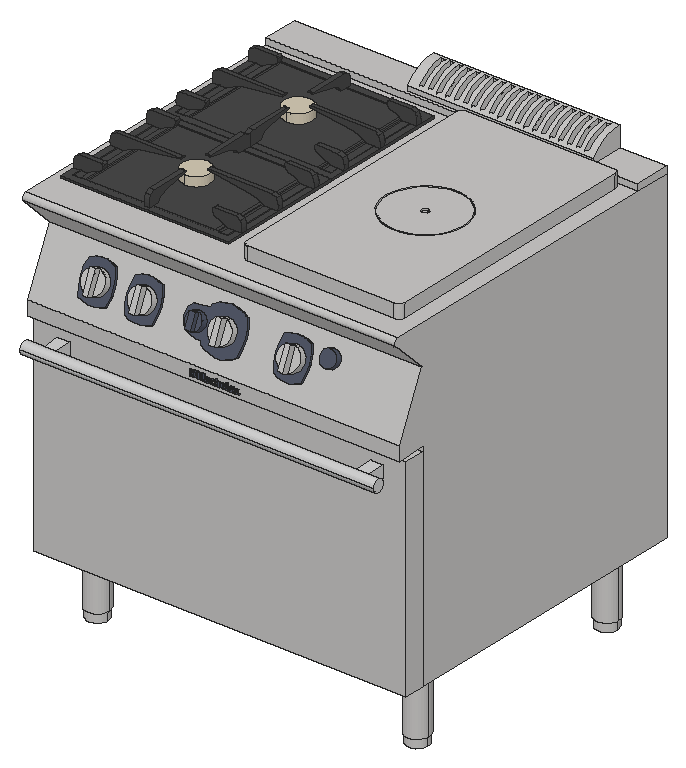
Revit family "QF_ELECTROLUXPROFESSIONAL_371009_E7STGH30G0", category Specialty Equipment, Revit 2018
Family settings
  Round Connector Dimension = Use Diameter
  Part Type = Normal
  Work Plane-Based = No
  Always vertical = Yes
  Cut with Voids When Loaded = No
  Shared = No
  Room Calculation Point = No
Parameters
  Width = 800 mm  # constant formula
  Weight in Pounds = 198  # constant formula
  Watts = 0 W
  URL Cutsheet = "www.electrolux.com"
  URL = "www.electrolux.com"
  Type Mark [instance] = ""
  Status [instance] = ""
  Specification by User [instance] = ""
  Specification by Manufacturer = ""
  Show Logo [instance] = yes
  Show Clearance [instance] = yes
  Serial Number = ""
  Seismic Rating = ""
  SMACNA No = ""
  Revision Code [instance] = ""
  Omniclass Number and Title = ""
  NAFEM Spec ID Number = ""
  Model = "371009"
  Mechanical Remarks [instance] = ""
  Mechanical Connection Type [instance] = ""
  Masterspec = ""
  Manufacturer = "ELECTROLUX"
  Item Number [instance] = ""
  Installed By [instance] = ""
  Identify Quantity as Lot [instance] = yes
  Height = 908.9 mm  # constant formula
  HP = "0 HP"
  Gas Size = 12.7 mm  # 1/2"
  Gas RI Height [instance] = 0 mm
  Gas KW [instance] = 20.6  # constant formula
  Gas Input [instance] = 20581 VA  # 70225.4 Btu/h
  Gas Connection Height = 0 mm
  Furnished By [instance] = ""
  Foodservice Equipment Identifier [instance] = yes
  Direct Waste Size = 0"
  Description = "700XP Gas Solid Top on Gas Oven 2 Burners"
  Depth = 700 mm  # constant formula
  CSI MasterFormat = ""
  CSI Master Format = ""
  Assembly Code = ""
Reference planes
  plane 1 "BACK": y = 0
  plane 2: z = 0
  plane 3 "LEFT": x = 0
  plane 4 "RIGHT": x = 800
  plane 5 "FRONT": y = -700
  plane 6 "TOP": z = 908.9
  plane 7 "Center Y": x = 400
  plane 8 "Center X": y = -350
  plane 9 "Base": z = 150
  plane 10: z = 850.9
  plane 11: y = -730.129
  plane 12: y = -1109
Forms (mm)
  Revolve 1, solid, material "QF_Finishes_Stainless Steel"
    sketch origin (1, -90, 0) x (1, 0, 0) y (0, 0, 1)
      loop
        line (55, 0) -> (55, 150) -> (29.6, 150) -> (29.6, 19.05) -> (32.1, 19.05) -> (32.1, 0) -> (55, 0)
      axis (55, 0) -> (55, 150)
    angle from 0 to 360
  Revolve 2, solid, material "QF_Finishes_Stainless Steel"
    sketch origin (1, -599.588, 0) x (1, 0, 0) y (0, 0, 1)
      loop
        line (55, 0) -> (55, 150) -> (29.6, 150) -> (29.6, 19.05) -> (32.1, 19.05) -> (32.1, 0) -> (55, 0)
      axis (55, 0) -> (55, 150)
    angle from 0 to 360
  Revolve 3, solid, material "QF_Finishes_Stainless Steel"
    sketch origin (799, -90, 0) x (-1, 0, 0) y (0, 0, -1)
      loop
        line (55, 0) -> (32.1, 0) -> (32.1, -19.05) -> (29.6, -19.05) -> (29.6, -150) -> (55, -150) -> (55, 0)
      axis (55, 0) -> (55, -150)
    angle from 0 to 360
  Revolve 4, solid, material "QF_Finishes_Stainless Steel"
    sketch origin (799, -599.588, 0) x (-1, 0, 0) y (0, 0, -1)
      loop
        line (55, 0) -> (32.1, 0) -> (32.1, -19.05) -> (29.6, -19.05) -> (29.6, -150) -> (55, -150) -> (55, 0)
      axis (55, 0) -> (55, -150)
    angle from 0 to 360
  Extrusion 5, solid, material "QF_Finishes_Stainless Steel"
    sketch origin (0, 0, 576.213) x (0, 1, 0) y (0, 0, 1)
      loop
        line (0, -426.213) -> (0, 274.687) -> (-721.5, 274.687)
        arc (-721.5, 274.687) -> (-729.472, 269.36) -> (-727.602, 259.956) r 8.63
        line (-727.602, 259.956) -> (-658.266, 190.62) -> (-715.962, 65.264) -> (-715.962, 33.966) -> (-655.839, 38.662)
        arc (-655.839, 38.662) -> (-653.314, 37.914) -> (-652.222, 35.518) r 3.175
        line (-652.222, 35.518) -> (-652.222, -426.213) -> (0, -426.213)
    from 0 to 800
  Extrusion 6, solid, material "QF_Finishes_Stainless Steel"
    sketch origin (0, -652.222, 611.731) x (0, 0, -1) y (1, 0, 0)
      loop
        line (461.731, 0) -> (461.731, 800) -> (9.61, 800) -> (9.61, 0) -> (461.731, 0)
    from 3.175 to 47.778
  Extrusion 7, solid, material "QF_Finishes_Handrails and Railings"
    sketch origin (0, 0, 0) x (0, 1, 0) y (0, 0, 1)
      loop
        line (-700, 580.001) -> (-738.678, 577.296)
        arc (-738.678, 577.296) -> (-739.871, 563.489) -> (-752.981, 558.993) r 12.7
        arc (-752.981, 558.993) -> (-752.44, 558.176) -> (-751.841, 557.401) r 13.441
        arc (-751.841, 557.401) -> (-750.036, 555.955) -> (-747.808, 555.335) r 5.77
        line (-747.808, 555.335) -> (-700, 551.992) -> (-700, 580.001)
    from 50.8 to 76.2
  Extrusion 8, solid, material "QF_Finishes_Handrails and Railings"
    sketch origin (800, 0, 0) x (0, 1, 0) y (0, 0, -1)
      loop
        line (-700, -580.001) -> (-700, -551.992) -> (-747.808, -555.335)
        arc (-747.808, -555.335) -> (-750.036, -555.955) -> (-751.841, -557.401) r 5.77
        arc (-751.841, -557.401) -> (-752.44, -558.176) -> (-752.981, -558.993) r 13.441
        arc (-752.981, -558.993) -> (-739.871, -563.489) -> (-738.678, -577.296) r 12.7
        line (-738.678, -577.296) -> (-700, -580.001)
    from 50.8 to 76.2
  Extrusion 9, solid, material "QF_Finishes_Handrails and Railings"
    sketch origin (0, 0, 0) x (0, 1, 0) y (0, 0, 1)
      loop
        circle (-749.878, 571.309) r 12.7
    from 19.875 to 780.125
  Extrusion 10, solid, material "QF_Finishes_Stainless Steel"
    sketch origin (0, 0, 576.213) x (0, 1, 0) y (0, 0, 1)
      loop
        line (0, 274.687) -> (0, 288.975) -> (-76.2, 288.975) -> (-76.2, 274.687) -> (0, 274.687)
    from 0 to 800
  Extrusion 11, void
    sketch origin (34.989, 0, 865.138) x (-1, 0, 0) y (0, -1, 0)
      loop
        line (-295.005, 6.761) -> (-285.709, 6.761) -> (-285.709, 63.911) -> (-295.005, 63.911) -> (-295.005, 6.761)
      loop
        line (-313.697, 6.761) -> (-304.401, 6.761) -> (-304.401, 63.911) -> (-313.697, 63.911) -> (-313.697, 6.761)
      loop
        line (-332.39, 6.761) -> (-323.094, 6.761) -> (-323.094, 63.911) -> (-332.39, 63.911) -> (-332.39, 6.761)
      loop
        line (-351.082, 6.761) -> (-341.787, 6.761) -> (-341.787, 63.911) -> (-351.082, 63.911) -> (-351.082, 6.761)
      loop
        line (-369.775, 6.761) -> (-360.479, 6.761) -> (-360.479, 63.911) -> (-369.775, 63.911) -> (-369.775, 6.761)
      loop
        line (-388.468, 6.761) -> (-379.172, 6.761) -> (-379.172, 63.911) -> (-388.468, 63.911) -> (-388.468, 6.761)
      loop
        line (-407.16, 6.761) -> (-397.864, 6.761) -> (-397.864, 63.911) -> (-407.16, 63.911) -> (-407.16, 6.761)
      loop
        line (-425.853, 6.761) -> (-416.557, 6.761) -> (-416.557, 63.911) -> (-425.853, 63.911) -> (-425.853, 6.761)
      loop
        line (-444.545, 6.761) -> (-435.25, 6.761) -> (-435.25, 63.911) -> (-444.545, 63.911) -> (-444.545, 6.761)
      loop
        line (-463.238, 6.761) -> (-453.942, 6.761) -> (-453.942, 63.911) -> (-463.238, 63.911) -> (-463.238, 6.761)
      loop
        line (-481.931, 6.761) -> (-472.635, 6.761) -> (-472.635, 63.911) -> (-481.931, 63.911) -> (-481.931, 6.761)
      loop
        line (-500.623, 6.761) -> (-491.328, 6.761) -> (-491.328, 63.911) -> (-500.623, 63.911) -> (-500.623, 6.761)
      loop
        line (-519.316, 6.761) -> (-510.02, 6.761) -> (-510.02, 63.911) -> (-519.316, 63.911) -> (-519.316, 6.761)
      loop
        line (-538.008, 6.761) -> (-528.713, 6.761) -> (-528.713, 63.911) -> (-538.008, 63.911) -> (-538.008, 6.761)
      loop
        line (-556.701, 6.761) -> (-547.405, 6.761) -> (-547.405, 63.911) -> (-556.701, 63.911) -> (-556.701, 6.761)
      loop
        line (-575.394, 6.761) -> (-566.098, 6.761) -> (-566.098, 63.911) -> (-575.394, 63.911) -> (-575.394, 6.761)
      loop
        line (-594.086, 6.761) -> (-584.791, 6.761) -> (-584.791, 63.911) -> (-594.086, 63.911) -> (-594.086, 6.761)
      loop
        line (-612.779, 6.761) -> (-603.483, 6.761) -> (-603.483, 63.911) -> (-612.779, 63.911) -> (-612.779, 6.761)
      loop
        line (-631.472, 6.761) -> (-622.176, 6.761) -> (-622.176, 63.911) -> (-631.472, 63.911) -> (-631.472, 6.761)
      loop
        line (-650.164, 6.761) -> (-640.868, 6.761) -> (-640.868, 63.911) -> (-650.164, 63.911) -> (-650.164, 6.761)
    from 9.525 to 45.348
  Extrusion 12, solid, material "QF_Finishes_Stainless Steel"
    sketch origin (-100, 0, 590.5) x (0, 1, 0) y (0, 0, 1)
      loop
        line (0, 274.688) -> (0, 318.4)
        arc (0, 318.4) -> (-39.072, 309.779) -> (-69.85, 284.212) r 84.854
        line (-69.85, 284.212) -> (-69.85, 274.688) -> (0, 274.688)
    from 400 to 800
  Extrusion 13, solid, material "QF_Finishes_Navy Blue"
    sketch origin (7.744, -713.772, 646.186) x (0, 0.418102, 0.9084) y (-1, 0, 0)
      loop
        arc (102.623, -510.47) -> (67.041, -502.846) -> (31.333, -509.853) r 90.5
        arc (31.333, -509.853) -> (24.507, -539.04) -> (31.333, -568.228) r 65.817
        arc (31.333, -568.228) -> (67.04, -575.188) -> (102.623, -567.615) r 91.066
        arc (102.623, -567.615) -> (109.179, -539.043) -> (102.623, -510.47) r 65.546
      loop
        arc (102.623, -190.47) -> (67.041, -182.846) -> (31.333, -189.853) r 90.5
        arc (31.333, -189.853) -> (24.507, -219.04) -> (31.333, -248.228) r 65.817
        arc (31.333, -248.228) -> (67.04, -255.188) -> (102.623, -247.615) r 91.066
        arc (102.623, -247.615) -> (109.179, -219.043) -> (102.623, -190.47) r 65.546
      loop
        arc (102.623, -90.47) -> (67.041, -82.846) -> (31.333, -89.853) r 90.5
        arc (31.333, -89.853) -> (24.507, -119.04) -> (31.333, -148.228) r 65.817
        arc (31.333, -148.228) -> (67.04, -155.188) -> (102.623, -147.615) r 91.066
        arc (102.623, -147.615) -> (109.179, -119.043) -> (102.623, -90.47) r 65.546
    from 0 to 3.175
  Extrusion 14, solid, material "QF_Finishes_Stainless Steel"
    sketch origin (386.494, -717.485, 645.711) x (0, 0.418102, 0.9084) y (-1, 0, 0)
      loop
        circle (68.826, -160.963) r 25.4
      loop
        circle (68.826, -13.506) r 25.4
      loop
        circle (68.826, 159.037) r 25.4
      loop
        circle (68.826, 259.037) r 25.4
    from 0 to 12.7
  Extrusion 15, solid, material "QF_Finishes_Stainless Steel"
    sketch origin (386.494, -729.022, 651.021) x (0, 0.418102, 0.9084) y (-1, 0, 0)
      loop
        arc (93.558, -166.749) -> (94.226, -160.963) -> (93.558, -155.177) r 25.4
        line (93.558, -155.177) -> (44.094, -155.177)
        arc (44.094, -155.177) -> (43.426, -160.963) -> (44.094, -166.749) r 25.4
        line (44.094, -166.749) -> (93.558, -166.749)
    from 0 to 12.7
  Extrusion 16, solid, material "QF_Finishes_Navy Blue"
    sketch origin (307.014, -703.319, 668.896) x (0, 0.418102, 0.9084) y (-1, 0, 0)
      loop
        circle (65.471, -315.169) r 17.78
    from 0 to 12.7
  Extrusion 17, solid, material "QF_Finishes_Navy Blue"
    sketch origin (-139.713, -713.772, 646.186) x (0, 0.418102, 0.9084) y (-1, 0, 0)
      loop
        arc (104.355, -502.587) -> (101.326, -501.258) -> (98.25, -500.039) r 91.066
        arc (98.25, -500.039) -> (96.592, -482.449) -> (93.213, -465.107) r 179.528
        arc (93.213, -465.107) -> (69.244, -452.795) -> (45.274, -465.107) r 29.489
        arc (45.274, -465.107) -> (38.909, -481.441) -> (37.449, -498.912) r 61.044
        arc (37.449, -498.912) -> (34.471, -499.962) -> (31.532, -501.116) r 91.066
        arc (31.532, -501.116) -> (19.517, -540.223) -> (32.929, -578.873) r 65.817
        arc (32.929, -578.873) -> (68.105, -585.173) -> (102.996, -577.452) r 91.066
        arc (102.996, -577.452) -> (115.418, -540.233) -> (104.355, -502.587) r 65.546
    from 0 to 3.175
  Extrusion 18, solid, material "QF_Finishes_Stainless Steel"
    sketch origin (239.037, -729.022, 651.021) x (0, 0.418102, 0.9084) y (-1, 0, 0)
      loop
        arc (93.558, -166.749) -> (94.226, -160.963) -> (93.558, -155.177) r 25.4
        line (93.558, -155.177) -> (44.094, -155.177)
        arc (44.094, -155.177) -> (43.426, -160.963) -> (44.094, -166.749) r 25.4
        line (44.094, -166.749) -> (93.558, -166.749)
    from 0 to 12.7
  Extrusion 19, solid, material "QF_Finishes_Navy Blue"
    sketch origin (181.537, -717.485, 645.711) x (0, 0.418102, 0.9084) y (-1, 0, 0)
      loop
        circle (68.826, -160.963) r 18.37
    from 0 to 12.7
  Extrusion 20, solid, material "QF_Finishes_Navy Blue"
    sketch origin (180.246, -729.022, 651.021) x (0, 0.418102, 0.9084) y (-1, 0, 0)
      loop
        arc (84.808, -167.687) -> (85.476, -161.901) -> (84.808, -156.114) r 25.4
        line (84.808, -156.114) -> (52.844, -156.114)
        arc (52.844, -156.114) -> (52.176, -161.901) -> (52.844, -167.687) r 25.4
        line (52.844, -167.687) -> (84.808, -167.687)
    from 0 to 8.112
  Extrusion 21, solid, material "QF_Finishes_Stainless Steel"
    sketch origin (0, 0, 150) x (-1, 0, 0) y (0, -1, 0)
      loop
        circle (-747.612, 464) r 6.35
    from -8.815 to 7.722
  Extrusion 22, solid, material "QF_Finishes_Door Clearance", visible <- "Show Clearance", detail levels coarse
    sketch origin (0, 0, 0) x (0, 1, 0) y (0, 0, 1)
      loop
        line (-1109, 150) -> (-700, 150) -> (-700, 601.405)
        arc (-700, 601.405) -> (-991.543, 454.568) -> (-1109, 150) r 453.603
    from 0 to 800
  Extrusion 23, solid, material "QF_Finishes_Clearance", visible <- "Show Clearance", detail levels coarse
    sketch origin (0, 0, 0) x (1, 0, 0) y (0, 1, 0)
      loop
        line (-150, -730.129) -> (0, -730.129) -> (0, 0) -> (800, 0) -> (800, -730.129) -> (950, -730.129) -> (950, 150) -> (-150, 150) -> (-150, -730.129)
    from 0 to 908.85
  Extrusion 24, solid, material "QF_Finishes_Stainless Steel"
    sketch origin (66.494, -729.022, 651.021) x (0, 0.418102, 0.9084) y (-1, 0, 0)
      loop
        arc (93.558, -166.749) -> (94.226, -160.963) -> (93.558, -155.177) r 25.4
        line (93.558, -155.177) -> (44.094, -155.177)
        arc (44.094, -155.177) -> (43.426, -160.963) -> (44.094, -166.749) r 25.4
        line (44.094, -166.749) -> (93.558, -166.749)
    from 0 to 12.7
  Extrusion 25, solid, material "QF_Finishes_Stainless Steel"
    sketch origin (-33.506, -729.022, 651.021) x (0, 0.418102, 0.9084) y (-1, 0, 0)
      loop
        arc (93.558, -166.749) -> (94.226, -160.963) -> (93.558, -155.177) r 25.4
        line (93.558, -155.177) -> (44.094, -155.177)
        arc (44.094, -155.177) -> (43.426, -160.963) -> (44.094, -166.749) r 25.4
        line (44.094, -166.749) -> (93.558, -166.749)
    from 0 to 12.7
  Extrusion 26, solid, material "QF_Finishes_Stainless Steel"
    sketch origin (17.4, 0, 850.85) x (0, -1, 0) y (1, 0, 0)
      loop
        arc (82.3, 420.3) -> (86.02, 411.32) -> (95, 407.6) r 12.7
        line (95, 407.6) -> (659.6, 407.6)
        arc (659.6, 407.6) -> (668.58, 411.32) -> (672.3, 420.3) r 12.7
        line (672.3, 420.3) -> (672.3, 734.9)
        arc (672.3, 734.9) -> (668.58, 743.88) -> (659.6, 747.6) r 12.7
        line (659.6, 747.6) -> (95, 747.6)
        arc (95, 747.6) -> (86.02, 743.88) -> (82.3, 734.9) r 12.7
        line (82.3, 734.9) -> (82.3, 420.3)
      loop
        circle (392.3, 577.749) r 82.55
      loop
        circle (392.3, 577.749) r 7
      loop
        arc (349.393, 651.634) -> (309.746, 556.172) -> (390.976, 492.245) r 85.532
        arc (390.976, 492.245) -> (451.615, 516.637) -> (477.371, 576.709) r 85.614
        arc (477.371, 576.709) -> (435.193, 651.427) -> (349.393, 651.634) r 85.263
    from 0 to 28.575
  Extrusion 27, solid, material "QF_Finishes_Stainless Steel"
    sketch origin (195.13, 12.7, 850.85) x (0, -1, 0) y (1, 0, 0)
      loop
        circle (405, 400) r 7
    from 0 to 26.981
  Extrusion 28, solid, material "QF_Finishes_Navy Blue", visible <- "Show Logo"
    sketch origin (61.109, -715.962, 610.773) x (0, 0, 1) y (-1, 0, 0)
      loop
        line (20.674, -296.698) -> (8.307, -296.698)
        arc (8.307, -296.698) -> (14.491, -301.27) -> (20.674, -296.698) r 6.467
      loop
        arc (20.674, -296.069) -> (19.505, -290.926) -> (14.849, -288.448) r 6.338
        line (14.849, -288.448) -> (14.849, -290.494)
        arc (14.849, -290.494) -> (16.333, -294.149) -> (19.778, -296.069) r 5.941
        line (19.778, -296.069) -> (20.674, -296.069)
      loop
        arc (9.203, -296.069) -> (12.648, -294.149) -> (14.132, -290.494) r 5.941
        line (14.132, -290.494) -> (14.132, -288.448)
        arc (14.132, -288.448) -> (9.438, -290.922) -> (8.148, -296.069) r 6.504
        line (8.148, -296.069) -> (9.203, -296.069)
      loop
        line (21.349, -287.979) -> (7.604, -287.979) -> (7.604, -301.742) -> (21.349, -301.742) -> (21.349, -287.979)
      loop
        arc (21.432, -304.71) -> (21.085, -304.352) -> (20.718, -304.69) r 0.358
        arc (20.718, -304.69) -> (20.404, -305.44) -> (19.687, -305.825) r 1.216
        line (19.687, -305.825) -> (9.274, -305.825)
        arc (9.274, -305.825) -> (8.614, -305.548) -> (8.218, -304.951) r 1.238
        arc (8.218, -304.951) -> (7.823, -304.7) -> (7.518, -305.054) r 0.358
        line (7.518, -305.054) -> (7.518, -314.933) -> (10.269, -314.933) -> (10.269, -314.036)
        arc (10.269, -314.036) -> (9.36, -313.456) -> (8.904, -312.479) r 1.928
        line (8.904, -312.479) -> (8.904, -309.98)
        arc (8.904, -309.98) -> (9.18, -309.251) -> (9.868, -308.887) r 1.101
        line (9.868, -308.887) -> (13.955, -308.887) -> (13.955, -312.561)
        arc (13.955, -312.561) -> (13.602, -313.058) -> (13.037, -313.286) r 1.083
        arc (13.037, -313.286) -> (12.773, -313.591) -> (13.065, -313.869) r 0.292
        line (13.065, -313.869) -> (16.028, -313.869)
        arc (16.028, -313.869) -> (16.33, -313.596) -> (16.092, -313.266) r 0.305
        arc (16.092, -313.266) -> (15.601, -313.018) -> (15.296, -312.561) r 1.083
        line (15.296, -312.561) -> (15.296, -308.887) -> (19.973, -308.887) -> (19.973, -312.635)
        arc (19.973, -312.635) -> (19.759, -313.39) -> (19.153, -313.888) r 1.314
        arc (19.153, -313.888) -> (18.934, -314.292) -> (19.288, -314.585) r 0.361
        line (19.288, -314.585) -> (21.432, -314.585) -> (21.432, -304.71)
      loop
        arc (20.715, -315.365) -> (20.335, -316.284) -> (19.416, -316.664) r 1.299
        line (19.416, -316.664) -> (9.837, -316.664)
        arc (9.837, -316.664) -> (8.999, -316.286) -> (8.728, -315.408) r 1.118
        line (8.728, -315.408) -> (7.518, -315.408) -> (7.518, -320.758) -> (8.706, -320.758)
        arc (8.706, -320.758) -> (8.978, -319.841) -> (9.848, -319.445) r 1.153
        line (9.848, -319.445) -> (21.92, -319.445) -> (20.715, -315.365)
      loop
        line (12.483, -323.394) -> (12.483, -329.842) -> (13.282, -329.842)
        arc (13.282, -329.842) -> (15.862, -328.857) -> (17.131, -326.404) r 3.874
        line (17.131, -326.404) -> (17.131, -324.643)
        arc (17.131, -324.643) -> (15.944, -321.778) -> (13.08, -320.592) r 4.051
        line (13.08, -320.592) -> (11.072, -320.592)
        arc (11.072, -320.592) -> (8.253, -322.077) -> (7.202, -325.084) r 4.352
        arc (7.202, -325.084) -> (7.566, -327.547) -> (8.943, -329.621) r 5.713
        line (8.943, -329.621) -> (9.892, -329.621)
        arc (9.892, -329.621) -> (9.16, -328.052) -> (8.943, -326.334) r 5.579
        arc (8.943, -326.334) -> (9.737, -324.371) -> (11.616, -323.394) r 3.057
        line (11.616, -323.394) -> (12.483, -323.394)
      loop
        line (13.742, -323.394) -> (13.742, -326.977)
        arc (13.742, -326.977) -> (15.199, -327.024) -> (16.082, -325.864) r 1.59
        line (16.082, -325.864) -> (16.082, -325.034)
        arc (16.082, -325.034) -> (15.217, -323.779) -> (13.742, -323.394) r 2.184
      loop
        arc (16.533, -339.259) -> (17.022, -337.585) -> (17.179, -335.848) r 9.023
        line (17.179, -335.848) -> (17.179, -334.486)
        arc (17.179, -334.486) -> (16.02, -331.686) -> (13.22, -330.527) r 3.959
        line (13.22, -330.527) -> (10.62, -330.527)
        arc (10.62, -330.527) -> (8.338, -331.819) -> (7.221, -334.192) r 4.331
        line (7.221, -334.192) -> (7.221, -336.327)
        arc (7.221, -336.327) -> (7.729, -337.877) -> (8.651, -339.223) r 5.772
        arc (8.651, -339.223) -> (9.412, -339.274) -> (9.499, -338.515) r 0.553
        arc (9.499, -338.515) -> (9.111, -337.781) -> (8.977, -336.962) r 2.573
        line (8.977, -336.962) -> (8.977, -335.447)
        arc (8.977, -335.447) -> (9.983, -333.806) -> (11.798, -333.163) r 2.884
        line (11.798, -333.163) -> (13.077, -333.163)
        arc (13.077, -333.163) -> (14.898, -333.723) -> (15.824, -335.388) r 2.554
        line (15.824, -335.388) -> (15.824, -336.441)
        arc (15.824, -336.441) -> (15.493, -337.369) -> (14.836, -338.104) r 2.564
        arc (14.836, -338.104) -> (14.614, -338.821) -> (15.223, -339.259) r 0.643
        line (15.223, -339.259) -> (16.533, -339.259)
      loop
        line (15.515, -339.53) -> (15.515, -341.031) -> (9.467, -341.031)
        arc (9.467, -341.031) -> (7.879, -341.688) -> (7.221, -343.276) r 2.246
        line (7.221, -343.276) -> (7.221, -344.86)
        arc (7.221, -344.86) -> (7.535, -345.725) -> (8.035, -346.496) r 4.06
        arc (8.035, -346.496) -> (8.768, -346.629) -> (9.019, -345.928) r 0.576
        arc (9.019, -345.928) -> (8.913, -345.403) -> (8.977, -344.87) r 1.69
        arc (8.977, -344.87) -> (9.519, -344.082) -> (10.425, -343.779) r 1.506
        line (10.425, -343.779) -> (15.563, -343.779) -> (15.563, -346.176) -> (16.119, -346.733) -> (16.941, -346.733) -> (16.941, -343.873) -> (20.172, -343.873) -> (15.515, -339.53)
      loop
        line (7.438, -347.63) -> (7.438, -353.017) -> (8.548, -353.017)
        arc (8.548, -353.017) -> (8.942, -352.066) -> (9.893, -351.672) r 1.345
        line (9.893, -351.672) -> (13.509, -351.672)
        arc (13.509, -351.672) -> (14.274, -352.264) -> (14.564, -353.186) r 1.615
        line (14.564, -353.186) -> (14.564, -354.742) -> (17.119, -355.427) -> (17.119, -354.044) -> (15.177, -351.485) -> (17.057, -351.485) -> (16.773, -348.779)
        arc (16.773, -348.779) -> (16.333, -348.249) -> (15.674, -348.45) r 0.621
        arc (15.674, -348.45) -> (15.274, -348.792) -> (14.78, -348.975) r 1.501
        line (14.78, -348.975) -> (9.893, -348.975)
        arc (9.893, -348.975) -> (8.942, -348.581) -> (8.548, -347.63) r 1.345
        line (8.548, -347.63) -> (7.438, -347.63)
      loop
        line (13.54, -354.964) -> (10.848, -354.964)
        arc (10.848, -354.964) -> (8.403, -356.272) -> (7.269, -358.803) r 4.288
        arc (7.269, -358.803) -> (7.205, -360.183) -> (7.269, -361.563) r 15.022
        arc (7.269, -361.563) -> (8.403, -364.094) -> (10.848, -365.401) r 4.288
        line (10.848, -365.401) -> (13.54, -365.401)
        arc (13.54, -365.401) -> (15.986, -364.094) -> (17.119, -361.563) r 4.288
        arc (17.119, -361.563) -> (17.183, -360.183) -> (17.119, -358.803) r 15.022
        arc (17.119, -358.803) -> (15.986, -356.272) -> (13.54, -354.964) r 4.288
      loop
        line (13.745, -358.078) -> (10.643, -358.078)
        arc (10.643, -358.078) -> (8.486, -360.235) -> (10.643, -362.392) r 2.157
        line (10.643, -362.392) -> (13.745, -362.392)
        arc (13.745, -362.392) -> (15.902, -360.235) -> (13.745, -358.078) r 2.157
      loop
        arc (20.726, -365.26) -> (20.355, -366.154) -> (19.461, -366.524) r 1.264
        line (19.461, -366.524) -> (9.597, -366.524)
        arc (9.597, -366.524) -> (8.727, -366.127) -> (8.455, -365.211) r 1.153
        line (8.455, -365.211) -> (7.518, -365.211) -> (7.518, -370.319) -> (8.446, -370.319)
        arc (8.446, -370.319) -> (8.805, -369.547) -> (9.597, -369.232) r 1.153
        line (9.597, -369.232) -> (21.92, -369.232) -> (20.726, -365.26)
      loop
        arc (15.846, -369.857) -> (15.647, -370.921) -> (14.678, -371.403) r 1.215
        line (14.678, -371.403) -> (9.658, -371.403)
        arc (9.658, -371.403) -> (8.043, -372.051) -> (7.322, -373.634) r 2.338
        line (7.322, -373.634) -> (7.322, -375.148)
        arc (7.322, -375.148) -> (7.497, -376.152) -> (7.999, -377.038) r 2.979
        line (7.999, -377.038) -> (7.518, -378.835) -> (7.518, -380.524) -> (16.943, -380.524) -> (16.649, -376.32) -> (15.863, -376.32)
        arc (15.863, -376.32) -> (15.507, -377.156) -> (14.755, -377.665) r 1.605
        line (14.755, -377.665) -> (9.652, -377.665)
        arc (9.652, -377.665) -> (9.232, -376.728) -> (9.159, -375.704) r 2.94
        arc (9.159, -375.704) -> (9.72, -374.603) -> (10.873, -374.16) r 1.724
        line (10.873, -374.16) -> (17.07, -374.16) -> (15.846, -369.857)
      loop
        line (16.874, -381.377) -> (15.202, -383.423) -> (12.028, -385.729) -> (8.572, -382.617)
        arc (8.572, -382.617) -> (8.335, -382.223) -> (8.357, -381.764) r 0.789
        line (8.357, -381.764) -> (7.518, -381.764) -> (7.518, -385.309) -> (8.344, -385.309)
        arc (8.344, -385.309) -> (8.686, -384.947) -> (9.176, -385.039) r 0.52
        line (9.176, -385.039) -> (10.976, -386.51) -> (8.858, -387.886)
        arc (8.858, -387.886) -> (8.457, -387.576) -> (8.37, -387.076) r 0.7
        line (8.37, -387.076) -> (7.518, -387.076) -> (7.518, -393.003) -> (8.405, -393.003)
        arc (8.405, -393.003) -> (8.472, -392.344) -> (8.866, -391.813) r 1.247
        line (8.866, -391.813) -> (13.066, -388.532) -> (15.513, -390.585) -> (16.874, -392.327) -> (16.874, -388.604) -> (15.389, -389.026) -> (13.868, -387.749) -> (15.568, -386.559) -> (16.874, -387.336) -> (16.874, -381.377)
    from 0 to 1.644
Cuts and joins
  Extrusion 11 cuts Extrusion 5
  Extrusion 11 cuts Extrusion 12
  joined: Extrusion 10, Extrusion 12
Lines and regions (mm)
  symbolic lines, style "QF-Door Swings"
    curve 1: line (0, -730.129, 150) -> (0, -1109, 150)
    curve 2: line (0, -1109, 150) -> (800, -1109, 150)
    curve 3: line (800, -1109, 150) -> (800, -730.129, 150)
  symbolic lines
    curve 4: line (800, -730.129, 150) -> (0, -730.129, 150)
    curve 5: line (0, 0, 150) -> (0, -730.129, 150)
    curve 6: line (0, -69.85, 150) -> (800, -69.85, 150)
    curve 7: line (0, -76.2, 150) -> (800, -76.2, 150)
    curve 8: line (800, -730.129, 150) -> (800, 0, 150)
    curve 9: line (0, 0, 150) -> (800, 0, 150)
    curve 10: line (329.994, -6.761, 150) -> (329.994, -63.911, 150)
    curve 11: line (329.994, -63.911, 150) -> (320.698, -63.911, 150)
    curve 12: line (320.698, -63.911, 150) -> (320.698, -6.761, 150)
    curve 13: line (320.698, -6.761, 150) -> (329.994, -6.761, 150)
    curve 14: line (535.612, -6.761, 150) -> (535.612, -63.911, 150)
    curve 15: line (535.612, -63.911, 150) -> (526.317, -63.911, 150)
    curve 16: line (526.317, -63.911, 150) -> (526.317, -6.761, 150)
    curve 17: line (526.317, -6.761, 150) -> (535.612, -6.761, 150)
    curve 18: line (516.92, -6.761, 150) -> (516.92, -63.911, 150)
    curve 19: line (516.92, -63.911, 150) -> (507.624, -63.911, 150)
    curve 20: line (507.624, -63.911, 150) -> (507.624, -6.761, 150)
    curve 21: line (507.624, -6.761, 150) -> (516.92, -6.761, 150)
    curve 22: line (498.227, -6.761, 150) -> (498.227, -63.911, 150)
    curve 23: line (498.227, -63.911, 150) -> (488.931, -63.911, 150)
    curve 24: line (488.931, -63.911, 150) -> (488.931, -6.761, 150)
    curve 25: line (488.931, -6.761, 150) -> (498.227, -6.761, 150)
    curve 26: line (479.534, -6.761, 150) -> (479.534, -63.911, 150)
    curve 27: line (479.534, -63.911, 150) -> (470.239, -63.911, 150)
    curve 28: line (470.239, -63.911, 150) -> (470.239, -6.761, 150)
    curve 29: line (470.239, -6.761, 150) -> (479.534, -6.761, 150)
    curve 30: line (460.842, -6.761, 150) -> (460.842, -63.911, 150)
    curve 31: line (460.842, -63.911, 150) -> (451.546, -63.911, 150)
    curve 32: line (451.546, -63.911, 150) -> (451.546, -6.761, 150)
    curve 33: line (451.546, -6.761, 150) -> (460.842, -6.761, 150)
    curve 34: line (442.149, -6.761, 150) -> (442.149, -63.911, 150)
    curve 35: line (442.149, -63.911, 150) -> (432.854, -63.911, 150)
    curve 36: line (432.854, -63.911, 150) -> (432.854, -6.761, 150)
    curve 37: line (432.854, -6.761, 150) -> (442.149, -6.761, 150)
    curve 38: line (423.457, -6.761, 150) -> (423.457, -63.911, 150)
    curve 39: line (423.457, -63.911, 150) -> (414.161, -63.911, 150)
    curve 40: line (414.161, -63.911, 150) -> (414.161, -6.761, 150)
    curve 41: line (414.161, -6.761, 150) -> (423.457, -6.761, 150)
    curve 42: line (404.764, -6.761, 150) -> (404.764, -63.911, 150)
    curve 43: line (404.764, -63.911, 150) -> (395.468, -63.911, 150)
    curve 44: line (395.468, -63.911, 150) -> (395.468, -6.761, 150)
    curve 45: line (395.468, -6.761, 150) -> (404.764, -6.761, 150)
    curve 46: line (386.071, -6.761, 150) -> (386.071, -63.911, 150)
    curve 47: line (386.071, -63.911, 150) -> (376.776, -63.911, 150)
    curve 48: line (376.776, -63.911, 150) -> (376.776, -6.761, 150)
    curve 49: line (376.776, -6.761, 150) -> (386.071, -6.761, 150)
    curve 50: line (367.379, -6.761, 150) -> (367.379, -63.911, 150)
    curve 51: line (367.379, -63.911, 150) -> (358.083, -63.911, 150)
    curve 52: line (358.083, -63.911, 150) -> (358.083, -6.761, 150)
    curve 53: line (358.083, -6.761, 150) -> (367.379, -6.761, 150)
    curve 54: line (348.686, -6.761, 150) -> (348.686, -63.911, 150)
    curve 55: line (348.686, -63.911, 150) -> (339.39, -63.911, 150)
    curve 56: line (339.39, -63.911, 150) -> (339.39, -6.761, 150)
    curve 57: line (339.39, -6.761, 150) -> (348.686, -6.761, 150)
    curve 58: line (685.153, -6.761, 150) -> (685.153, -63.911, 150)
    curve 59: line (685.153, -63.911, 150) -> (675.857, -63.911, 150)
    curve 60: line (675.857, -63.911, 150) -> (675.857, -6.761, 150)
    curve 61: line (675.857, -6.761, 150) -> (685.153, -6.761, 150)
    curve 62: line (666.461, -6.761, 150) -> (666.461, -63.911, 150)
    curve 63: line (666.461, -63.911, 150) -> (657.165, -63.911, 150)
    curve 64: line (657.165, -63.911, 150) -> (657.165, -6.761, 150)
    curve 65: line (657.165, -6.761, 150) -> (666.461, -6.761, 150)
    curve 66: line (647.768, -6.761, 150) -> (647.768, -63.911, 150)
    curve 67: line (647.768, -63.911, 150) -> (638.472, -63.911, 150)
    curve 68: line (638.472, -63.911, 150) -> (638.472, -6.761, 150)
    curve 69: line (638.472, -6.761, 150) -> (647.768, -6.761, 150)
    curve 70: line (629.075, -6.761, 150) -> (629.075, -63.911, 150)
    curve 71: line (629.075, -63.911, 150) -> (619.78, -63.911, 150)
    curve 72: line (619.78, -63.911, 150) -> (619.78, -6.761, 150)
    curve 73: line (619.78, -6.761, 150) -> (629.075, -6.761, 150)
    curve 74: line (610.383, -6.761, 150) -> (610.383, -63.911, 150)
    curve 75: line (610.383, -63.911, 150) -> (601.087, -63.911, 150)
    curve 76: line (601.087, -63.911, 150) -> (601.087, -6.761, 150)
    curve 77: line (601.087, -6.761, 150) -> (610.383, -6.761, 150)
    curve 78: line (591.69, -6.761, 150) -> (591.69, -63.911, 150)
    curve 79: line (591.69, -63.911, 150) -> (582.394, -63.911, 150)
    curve 80: line (582.394, -63.911, 150) -> (582.394, -6.761, 150)
    curve 81: line (582.394, -6.761, 150) -> (591.69, -6.761, 150)
    curve 82: line (572.998, -6.761, 150) -> (572.998, -63.911, 150)
    curve 83: line (572.998, -63.911, 150) -> (563.702, -63.911, 150)
    curve 84: line (563.702, -63.911, 150) -> (563.702, -6.761, 150)
    curve 85: line (563.702, -6.761, 150) -> (572.998, -6.761, 150)
    curve 86: line (554.305, -6.761, 150) -> (554.305, -63.911, 150)
    curve 87: line (554.305, -63.911, 150) -> (545.009, -63.911, 150)
    curve 88: line (545.009, -63.911, 150) -> (545.009, -6.761, 150)
    curve 89: line (545.009, -6.761, 150) -> (554.305, -6.761, 150)
    curve 93: line (50.8, -738.678, 150) -> (50.8, -730.129, 150)
    curve 94: line (76.2, -730.129, 150) -> (76.2, -738.678, 150)
    curve 95: line (19.875, -737.178, 150) -> (50.8, -737.178, 150)
    curve 96: line (19.875, -762.578, 150) -> (19.875, -737.178, 150)
    curve 97: line (780.125, -762.578, 150) -> (19.875, -762.578, 150)
    curve 98: line (780.125, -737.178, 150) -> (780.125, -762.578, 150)
    curve 99: line (749.2, -738.678, 150) -> (749.2, -730.129, 150)
    curve 100: line (723.8, -738.678, 150) -> (723.8, -730.129, 150)
    curve 101: line (723.8, -738.678, 150) -> (749.2, -738.678, 150)
    curve 102: line (50.8, -738.678, 150) -> (76.2, -738.678, 150)
    curve 103: line (76.2, -737.178, 150) -> (723.8, -737.178, 150)
    curve 104: line (749.2, -737.178, 150) -> (780.125, -737.178, 150)
    curve 105: line (300, -69.85, 150) -> (300, 0, 150)
    curve 106: line (700, -69.85, 150) -> (700, 0, 150)
    curve 107: line (425, -95, 150) -> (425, -659.6, 150)
    curve 108: arc (425, -659.6, 150) -> (428.72, -668.58, 150) -> (437.7, -672.3, 150) r 12.7
    curve 109: line (437.7, -672.3, 150) -> (752.3, -672.3, 150)
    curve 110: arc (605.747, -477.09, 150) -> (538.963, -456.68, 150) -> (509.704, -393.272, 150) r 85.45
    curve 111: line (752.3, -82.3, 150) -> (437.7, -82.3, 150)
    curve 112: arc (437.7, -82.3, 150) -> (428.72, -86.02, 150) -> (425, -95, 150) r 12.7
    curve 113: line (765, -659.6, 150) -> (765, -95, 150)
    curve 114: arc (765, -95, 150) -> (761.28, -86.02, 150) -> (752.3, -82.3, 150) r 12.7
    curve 115: arc (603.714, -307.28, 150) -> (657.92, -334.321, 150) -> (680.58, -390.499, 150) r 85.45
    curve 116: arc (752.3, -672.3, 150) -> (761.28, -668.58, 150) -> (765, -659.6, 150) r 12.7
    curve 117: arc (595.149, -309.75, 150) -> (512.599, -392.3, 150) -> (595.149, -474.85, 150) r 82.55
    curve 118: arc (595.149, -474.85, 150) -> (677.699, -392.3, 150) -> (595.149, -309.75, 150) r 82.55
    curve 119: arc (595.149, -385.3, 150) -> (602.149, -392.3, 150) -> (595.149, -399.3, 150) r 7
    curve 120: arc (595.149, -399.3, 150) -> (588.149, -392.3, 150) -> (595.149, -385.3, 150) r 7
    curve 121: line (425, -390.499, 150) -> (509.718, -390.499, 150)
    curve 122: line (425, -393.272, 150) -> (509.704, -393.272, 150)
    curve 123: line (680.593, -393.272, 150) -> (765, -393.272, 150)
    curve 124: line (680.58, -390.499, 150) -> (765, -390.499, 150)
    curve 125: arc (509.718, -390.499, 150) -> (538.506, -328.321, 150) -> (603.714, -307.28, 150) r 85.45
    curve 126: arc (680.593, -393.272, 150) -> (658.886, -449.215, 150) -> (605.747, -477.09, 150) r 85.45
  symbolic lines, style "QF-Clearances", visible <- "Show Clearance", detail levels coarse
    curve 90: line (-150, -730.129, 150) -> (-150, 150, 150)
    curve 91: line (-150, 150, 150) -> (950, 150, 150)
    curve 92: line (950, 150, 150) -> (950, -730.129, 150)
Dimensions and locks
  equal spacing: plane 3 "LEFT", plane 7 "Center Y", plane 4 "RIGHT"
  "Width": plane 3 "LEFT" to plane 4 "RIGHT"
  equal spacing: plane 5 "FRONT", plane 8 "Center X", plane 1 "BACK"
  "Depth": plane 5 "FRONT" to plane 1 "BACK"
  "Height": plane 6 "TOP" to level
  plane 9 "Base" to level = 150 mm
  plane 6 "TOP" to plane 10 = 58 mm  (x2)
  plane 1 "BACK" to plane 11 = 730.129 mm
  plane 1 "BACK" to plane 12 = 1109 mm
  aligned and locked: level to plane 2
Automatic sketch dimensions
  Revolve 1 sketch curve to plane 9 "Base" = 0 mm  (x2)
  Revolve 1 sketch curve to level = 0 mm
  plane 3 "LEFT" to Revolve 1 sketch curve = 30.6 mm
  Revolve 1 sketch curve to Revolve 1 sketch curve = 2.5 mm
  Revolve 1 sketch curve to Revolve 1 sketch curve = 25.4 mm
  Revolve 1 sketch curve to Revolve 1 sketch curve = 0 mm
  level to Revolve 1 sketch curve = 19.05 mm
  plane 9 "Base" to Revolve 1 sketch curve = 20 mm
  Revolve 2 sketch curve to plane 9 "Base" = 0 mm  (x2)
  Revolve 2 sketch curve to level = 0 mm
  plane 3 "LEFT" to Revolve 2 sketch curve = 30.6 mm
  Revolve 2 sketch curve to Revolve 2 sketch curve = 2.5 mm
  Revolve 2 sketch curve to Revolve 2 sketch curve = 25.4 mm
  Revolve 2 sketch curve to Revolve 2 sketch curve = 0 mm
  level to Revolve 2 sketch curve = 19.05 mm
  plane 9 "Base" to Revolve 2 sketch curve = 20 mm
  Revolve 3 sketch curve to plane 9 "Base" = 0 mm  (x2)
  Revolve 3 sketch curve to level = 0 mm
  Revolve 3 sketch curve to Revolve 3 sketch curve = 0 mm
  plane 9 "Base" to Revolve 3 sketch curve = 20 mm
  level to Revolve 3 sketch curve = 19.05 mm
  Revolve 4 sketch curve to plane 9 "Base" = 0 mm  (x2)
  Revolve 4 sketch curve to level = 0 mm
  Revolve 4 sketch curve to Revolve 4 sketch curve = 0 mm
  plane 9 "Base" to Revolve 4 sketch curve = 20 mm
  level to Revolve 4 sketch curve = 19.05 mm
  Extrusion 5 sketch curve to plane 10 = 0 mm
  Extrusion 5 sketch curve to plane 9 "Base" = 0 mm
  Extrusion 5 sketch curve to plane 1 "BACK" = 0 mm
  Extrusion 5 sketch curve to plane 5 "FRONT" = 47.778 mm
  Extrusion 5 sketch curve to Extrusion 5 sketch curve = 3.175 mm
  Extrusion 5 sketch curve to Extrusion 5 sketch curve = 0.442 mm
  Extrusion 5 sketch curve to plane 5 "FRONT" = 41.734 mm
  Extrusion 5 sketch curve to plane 11 = 14.167 mm
  Extrusion 5 sketch curve to plane 11 = 8.63 mm
  Extrusion 5 sketch curve to plane 11 = 2.528 mm
  Extrusion 5 sketch curve to plane 10 = 240.721 mm
  Extrusion 5 sketch curve to Extrusion 5 sketch curve = 1.552 mm
  Extrusion 5 sketch curve to Extrusion 5 sketch curve = 31.298 mm
  Extrusion 5 sketch curve to plane 10 = 84.067 mm
  Extrusion 5 sketch curve to plane 10 = 14.732 mm
  Extrusion 6 sketch curve to Extrusion 5 = 0 mm  (x2)
  Extrusion 5 to Extrusion 6 sketch curve = 0 mm
  Extrusion 5 to Extrusion 6 sketch curve = 9.61 mm
  Extrusion 7 sketch curve to plane 5 "FRONT" = 0 mm
  plane 11 to Extrusion 7 sketch curve = 8.549 mm
  plane 11 to Extrusion 7 sketch curve = 11.379 mm
  Extrusion 7 sketch curve to Extrusion 7 sketch curve = 5.898 mm
  Extrusion 7 sketch curve to Extrusion 7 sketch curve = 0.402 mm
  Extrusion 7 sketch curve to Extrusion 7 sketch curve = 8.37 mm
  Extrusion 7 sketch curve to Extrusion 7 sketch curve = 4.033 mm
  Extrusion 7 sketch curve to Extrusion 7 sketch curve = 0 mm  (x2)
  Extrusion 7 sketch curve to Extrusion 7 sketch curve = 1.139 mm
  Extrusion 7 sketch curve to plane 10 = 298.908 mm
  Extrusion 7 sketch curve to Extrusion 7 sketch curve = 3.343 mm
  Extrusion 7 sketch curve to Extrusion 7 sketch curve = 2.066 mm
  Extrusion 7 sketch curve to Extrusion 7 sketch curve = 5.312 mm
  Extrusion 7 sketch curve to Extrusion 7 sketch curve = 28.009 mm
  Extrusion 8 sketch curve to plane 5 "FRONT" = 0 mm
  plane 11 to Extrusion 8 sketch curve = 8.549 mm
  plane 11 to Extrusion 8 sketch curve = 11.379 mm
  Extrusion 8 sketch curve to Extrusion 8 sketch curve = 5.898 mm
  Extrusion 8 sketch curve to Extrusion 8 sketch curve = 0.402 mm
  Extrusion 8 sketch curve to Extrusion 8 sketch curve = 8.37 mm
  Extrusion 8 sketch curve to Extrusion 8 sketch curve = 4.033 mm
  Extrusion 8 sketch curve to Extrusion 8 sketch curve = 0 mm  (x2)
  Extrusion 8 sketch curve to Extrusion 8 sketch curve = 1.139 mm
  Extrusion 8 sketch curve to plane 10 = 270.899 mm
  Extrusion 8 sketch curve to Extrusion 8 sketch curve = 2.705 mm
  Extrusion 8 sketch curve to Extrusion 8 sketch curve = 5.987 mm
  Extrusion 8 sketch curve to Extrusion 8 sketch curve = 5.312 mm
  Extrusion 8 sketch curve to Extrusion 8 sketch curve = 28.009 mm
  plane 11 to Extrusion 9 sketch curve = 19.749 mm
  Extrusion 9 sketch curve to plane 10 = 279.591 mm
  Extrusion 10 sketch curve to plane 10 = 0 mm
  Extrusion 10 sketch curve to plane 1 "BACK" = 0 mm
  plane 10 to Extrusion 10 sketch curve = 14.288 mm
  Extrusion 10 sketch curve to Extrusion 10 sketch curve = 76.2 mm
  Extrusion 11 sketch curve to Extrusion 11 sketch curve = 9.296 mm  (x19)
  Extrusion 11 sketch curve to Extrusion 11 sketch curve = 9.397 mm  (x19)
  plane 7 "Center Y" to Extrusion 11 sketch curve = 4.764 mm
  Extrusion 11 sketch curve to plane 7 "Center Y" = 4.532 mm
  plane 1 "BACK" to Extrusion 11 sketch curve = 6.761 mm  (x20)
  Extrusion 11 sketch curve to Extrusion 11 sketch curve = 57.15 mm
  Extrusion 11 sketch curve to Extrusion 11 sketch curve = 0 mm  (x19)
  Extrusion 12 sketch curve to plane 1 "BACK" = 0 mm
  Extrusion 12 sketch curve to plane 6 "TOP" = 0 mm
  plane 1 "BACK" to Extrusion 12 sketch curve = 1.769 mm
  plane 10 to Extrusion 12 sketch curve = 23.812 mm
  plane 1 "BACK" to Extrusion 12 sketch curve = 69.85 mm
  plane 10 to Extrusion 12 sketch curve = 14.288 mm
  plane 3 "LEFT" to Extrusion 13 sketch curve = 155.972 mm
  Extrusion 13 sketch curve to Extrusion 13 sketch curve = 0 mm  (x6)
  plane 7 "Center Y" to Extrusion 13 sketch curve = 117.596 mm
  Extrusion 13 sketch curve to Extrusion 13 sketch curve = 12.3 mm  (x9)
  Extrusion 13 sketch curve to Extrusion 13 sketch curve = 34.925 mm  (x5)
  Extrusion 13 sketch curve to Extrusion 13 sketch curve = 46.691 mm  (x3)
  Extrusion 13 sketch curve to Extrusion 13 sketch curve = 0.617 mm
  Extrusion 13 sketch curve to Extrusion 13 sketch curve = 28.57 mm
  Extrusion 13 sketch curve to Extrusion 13 sketch curve = 29.185 mm  (x3)
  Extrusion 13 sketch curve to plane 7 "Center Y" = 118.914 mm
  Extrusion 13 sketch curve to Extrusion 13 sketch curve = 25.114 mm
  Extrusion 13 sketch curve to Extrusion 13 sketch curve = 25.727 mm
  Extrusion 13 sketch curve to Extrusion 13 sketch curve = 9.217 mm
  Extrusion 13 sketch curve to Extrusion 13 sketch curve = 16.51 mm
  Extrusion 14 sketch curve to Extrusion 14 sketch curve = 0 mm  (x3)
  Extrusion 14 sketch curve to Extrusion 14 sketch curve = 147.457 mm
  Extrusion 14 sketch curve to Extrusion 14 sketch curve = 172.543 mm
  Extrusion 14 sketch curve to Extrusion 14 sketch curve = 100 mm
  Extrusion 15 sketch curve to Extrusion 15 sketch curve = 24.732 mm
  Extrusion 15 sketch curve to Extrusion 15 sketch curve = 0 mm
  Extrusion 17 sketch curve to Extrusion 17 sketch curve = 0 mm  (x2)
  Extrusion 17 sketch curve to plane 7 "Center Y" = 31.641 mm
  Extrusion 17 sketch curve to plane 7 "Center Y" = 38.597 mm
  Extrusion 17 sketch curve to Extrusion 17 sketch curve = 112.63 mm
  plane 7 "Center Y" to Extrusion 17 sketch curve = 39.16 mm
  Extrusion 17 sketch curve to Extrusion 17 sketch curve = 1.398 mm
  Extrusion 17 sketch curve to Extrusion 17 sketch curve = 5.918 mm
  Extrusion 17 sketch curve to Extrusion 17 sketch curve = 7.825 mm
  Extrusion 17 sketch curve to plane 7 "Center Y" = 0.67 mm
  Extrusion 17 sketch curve to Extrusion 17 sketch curve = 12.433 mm
  Extrusion 17 sketch curve to Extrusion 17 sketch curve = 33.329 mm
  Extrusion 17 sketch curve to Extrusion 17 sketch curve = 28.808 mm
  Extrusion 17 sketch curve to Extrusion 17 sketch curve = 2.986 mm
  Extrusion 17 sketch curve to plane 7 "Center Y" = 0.673 mm
  Extrusion 17 sketch curve to Extrusion 17 sketch curve = 23.969 mm
  Extrusion 17 sketch curve to Extrusion 17 sketch curve = 31.993 mm
  Extrusion 17 sketch curve to Extrusion 17 sketch curve = 0.131 mm
  Extrusion 17 sketch curve to Extrusion 17 sketch curve = 36.738 mm
  Extrusion 17 sketch curve to Extrusion 17 sketch curve = 6.105 mm
  Extrusion 17 sketch curve to Extrusion 17 sketch curve = 6.427 mm
  Extrusion 17 sketch curve to Extrusion 17 sketch curve = 7.848 mm
  Extrusion 17 sketch curve to Extrusion 17 sketch curve = 11.842 mm
  Extrusion 18 sketch curve to Extrusion 18 sketch curve = 0 mm  (x2)
  Extrusion 18 sketch curve to plane 7 "Center Y" = 0 mm
  plane 7 "Center Y" to Extrusion 18 sketch curve = 5.786 mm
  Extrusion 18 sketch curve to plane 7 "Center Y" = 5.786 mm
  Extrusion 18 sketch curve to Extrusion 18 sketch curve = 24.732 mm  (x2)
  Extrusion 20 sketch curve to plane 7 "Center Y" = 52.067 mm
  Extrusion 20 sketch curve to Extrusion 20 sketch curve = 0 mm
  Extrusion 20 sketch curve to Extrusion 20 sketch curve = 7.232 mm  (x3)
  Extrusion 20 sketch curve to Extrusion 20 sketch curve = 17.5 mm
  Extrusion 20 sketch curve to Extrusion 20 sketch curve = 5.786 mm
  Extrusion 21 sketch curve to plane 8 "Center X" = 114 mm
  Extrusion 22 sketch curve to plane 9 "Base" = 0 mm
  Extrusion 22 sketch curve to plane 12 = 0 mm
  Extrusion 22 sketch curve to plane 5 "FRONT" = 0 mm
  Extrusion 22 sketch curve to Extrusion 22 sketch curve = 44.603 mm
  curve 110 to curve 115 = 0 mm  (x3)
  curve 110 to curve 117 = 0 mm  (x3)
  curve 110 to curve 119 = 0 mm  (x2)
  curve 110 to curve 120 = 0 mm  (x2)
  curve 110 to curve 125 = 0 mm  (x3)
  curve 110 to curve 126 = 0 mm  (x2)
  curve 125 to curve 126 = 0 mm  (x2)
  plane 11 to curve 92 = 0 mm
  curve 2 to plane 4 "RIGHT" = 0 mm
  curve 4 to plane 4 "RIGHT" = 0 mm
  plane 11 to curve 99 = 0 mm
  plane 1 "BACK" to curve 106 = 0 mm
  curve 6 to plane 3 "LEFT" = 0 mm
  curve 2 to plane 3 "LEFT" = 0 mm
  plane 11 to curve 90 = 0 mm
  plane 12 to curve 2 = 0 mm
  plane 4 "RIGHT" to curve 92 = 150 mm
  plane 11 to curve 103 = 7.049 mm
  curve 104 to curve 103 = 25.4 mm
  curve 106 to curve 58 = 14.847 mm
  curve 126 to curve 124 = 0.013 mm
  curve 58 to curve 60 = 9.296 mm
  curve 60 to curve 62 = 9.397 mm
  curve 62 to curve 64 = 9.296 mm
  curve 64 to curve 69 = 9.397 mm
  curve 66 to curve 68 = 9.296 mm
  curve 68 to curve 70 = 9.397 mm
  curve 70 to curve 72 = 9.296 mm
  curve 71 to curve 74 = 9.397 mm
  curve 123 to curve 126 = 74.847 mm
  plane 8 "Center X" to curve 125 = 42.72 mm
  curve 115 to curve 125 = 76.866 mm
  curve 74 to curve 77 = 9.296 mm
  curve 110 to plane 8 "Center X" = 42.3 mm
  curve 125 to curve 110 = 8.565 mm
  curve 75 to curve 79 = 9.397 mm
  curve 78 to curve 81 = 9.296 mm
  curve 80 to curve 85 = 9.397 mm
  curve 82 to curve 84 = 9.296 mm
  curve 84 to curve 89 = 9.397 mm
  curve 86 to curve 88 = 9.296 mm
  curve 87 to curve 14 = 9.397 mm
  curve 14 to curve 15 = 9.296 mm
  curve 15 to curve 18 = 9.397 mm
  curve 125 to plane 8 "Center X" = 40.499 mm
  curve 125 to curve 122 = 0.013 mm
  curve 18 to curve 21 = 9.296 mm
  curve 20 to curve 25 = 9.397 mm
  curve 22 to curve 24 = 9.296 mm
  curve 23 to curve 27 = 9.397 mm
  curve 26 to curve 29 = 9.296 mm
  curve 28 to curve 33 = 9.397 mm
  curve 30 to curve 31 = 9.296 mm
  curve 31 to curve 35 = 9.397 mm
  curve 34 to curve 112 = 4.449 mm
  plane 7 "Center Y" to curve 109 = 37.7 mm
  curve 34 to curve 36 = 9.296 mm
  curve 108 to curve 107 = 12.7 mm
  curve 36 to curve 38 = 9.397 mm
  curve 38 to curve 39 = 9.296 mm
  plane 7 "Center Y" to curve 45 = 4.764 mm
  curve 44 to plane 7 "Center Y" = 4.532 mm
  curve 43 to curve 47 = 9.397 mm
  curve 46 to curve 48 = 9.296 mm
  curve 48 to curve 50 = 9.397 mm
  curve 50 to curve 52 = 9.296 mm
  curve 51 to curve 54 = 9.397 mm
  curve 54 to curve 57 = 9.296 mm
  curve 55 to curve 11 = 9.397 mm
  curve 10 to curve 12 = 9.296 mm
  curve 11 to curve 105 = 20.698 mm
  plane 11 to curve 102 = 8.549 mm
  plane 3 "LEFT" to curve 102 = 76.2 mm
  curve 94 to curve 93 = 25.4 mm
  plane 3 "LEFT" to curve 96 = 19.875 mm
  curve 1 to curve 90 = 150 mm
  curve 90 to plane 1 "BACK" = 150 mm
  plane 1 "BACK" to curve 84 = 6.761 mm
  plane 1 "BACK" to curve 81 = 6.761 mm
  plane 1 "BACK" to curve 89 = 6.761 mm
  plane 1 "BACK" to curve 10 = 6.761 mm
  plane 1 "BACK" to curve 77 = 6.761 mm
  plane 1 "BACK" to curve 14 = 6.761 mm
  plane 1 "BACK" to curve 73 = 6.761 mm
  plane 1 "BACK" to curve 18 = 6.761 mm
  plane 1 "BACK" to curve 69 = 6.761 mm
  plane 1 "BACK" to curve 22 = 6.761 mm
  plane 1 "BACK" to curve 65 = 6.761 mm
  plane 1 "BACK" to curve 26 = 6.761 mm
  plane 1 "BACK" to curve 61 = 6.761 mm
  plane 1 "BACK" to curve 30 = 6.761 mm
  plane 1 "BACK" to curve 57 = 6.761 mm
  plane 1 "BACK" to curve 34 = 6.761 mm
  plane 1 "BACK" to curve 53 = 6.761 mm
  plane 1 "BACK" to curve 38 = 6.761 mm
  plane 1 "BACK" to curve 49 = 6.761 mm
  plane 1 "BACK" to curve 42 = 6.761 mm
  curve 44 to curve 44 = 57.15 mm
  curve 46 to curve 43 = 0 mm
  curve 42 to curve 40 = 0 mm
  curve 50 to curve 47 = 0 mm
  curve 38 to curve 36 = 0 mm
  curve 54 to curve 51 = 0 mm
  curve 34 to curve 32 = 0 mm
  curve 58 to curve 58 = 57.15 mm
  curve 30 to curve 28 = 0 mm
  curve 62 to curve 59 = 0 mm
  curve 26 to curve 24 = 0 mm
  curve 66 to curve 63 = 0 mm
  curve 22 to curve 20 = 0 mm
  curve 70 to curve 67 = 0 mm
  curve 18 to curve 16 = 0 mm
  curve 74 to curve 71 = 0 mm
  curve 12 to curve 55 = 0 mm
  curve 78 to curve 75 = 0 mm
  curve 14 to curve 86 = 0 mm
  curve 82 to curve 79 = 0 mm
  curve 11 to curve 105 = 5.939 mm
  curve 6 to curve 7 = 6.35 mm
  curve 7 to curve 111 = 6.1 mm
  curve 125 to curve 118 = 2.47 mm
  curve 119 to curve 119 = 7 mm
  curve 125 to curve 122 = 2.773 mm
  curve 116 to plane 5 "FRONT" = 40.4 mm
  plane 11 to curve 98 = 7.049 mm
  plane 11 to curve 96 = 7.049 mm
  curve 103 to curve 100 = 1.5 mm
  curve 98 to curve 97 = 25.4 mm
  plane 11 to Extrusion 23 sketch curve = 0 mm  (x2)
  Extrusion 23 sketch curve to plane 3 "LEFT" = 0 mm
  plane 1 "BACK" to Extrusion 23 sketch curve = 0 mm
  Extrusion 23 sketch curve to plane 4 "RIGHT" = 0 mm
  Extrusion 23 sketch curve to plane 3 "LEFT" = 150 mm
  plane 4 "RIGHT" to Extrusion 23 sketch curve = 150 mm
  Extrusion 23 sketch curve to plane 1 "BACK" = 150 mm
  Extrusion 24 sketch curve to Extrusion 24 sketch curve = 0 mm  (x3)
  Extrusion 24 sketch curve to plane 7 "Center Y" = 166.757 mm
  Extrusion 24 sketch curve to Extrusion 24 sketch curve = 24.732 mm  (x2)
  Extrusion 24 sketch curve to Extrusion 24 sketch curve = 5.786 mm
  Extrusion 25 sketch curve to Extrusion 25 sketch curve = 0 mm  (x3)
  plane 3 "LEFT" to Extrusion 25 sketch curve = 133.243 mm
  Extrusion 25 sketch curve to Extrusion 25 sketch curve = 24.732 mm  (x2)
  Extrusion 25 sketch curve to Extrusion 25 sketch curve = 5.786 mm
  Extrusion 26 sketch curve to Extrusion 26 sketch curve = 0 mm  (x3)
  plane 1 "BACK" to Extrusion 26 sketch curve = 82.3 mm
  Extrusion 26 sketch curve to Extrusion 26 sketch curve = 12.7 mm  (x3)
  plane 8 "Center X" to Extrusion 26 sketch curve = 0.607 mm
  Extrusion 26 sketch curve to plane 8 "Center X" = 40.976 mm
  Extrusion 26 sketch curve to plane 8 "Center X" = 41.765 mm
  Extrusion 26 sketch curve to Extrusion 26 sketch curve = 0.351 mm
  Extrusion 26 sketch curve to Extrusion 26 sketch curve = 0.184 mm
  Extrusion 26 sketch curve to Extrusion 26 sketch curve = 0.207 mm
  Extrusion 26 sketch curve to Extrusion 26 sketch curve = 84.864 mm
  Extrusion 26 sketch curve to plane 5 "FRONT" = 40.4 mm  (x2)
  Extrusion 26 sketch curve to Extrusion 26 sketch curve = 73.777 mm
  Extrusion 26 sketch curve to Extrusion 26 sketch curve = 0.01 mm
  Extrusion 26 sketch curve to Extrusion 26 sketch curve = 0.014 mm
  plane 7 "Center Y" to Extrusion 26 sketch curve = 37.7 mm
  Extrusion 27 sketch curve to plane 8 "Center X" = 35.3 mm
  Extrusion 27 sketch curve to Extrusion 27 sketch curve = 7 mm
  Revolve 3 sketch curve to plane 4 "RIGHT" = 30.6 mm
  Revolve 3 sketch curve to Revolve 3 sketch curve = 2.5 mm
  Revolve 3 sketch curve to Revolve 3 sketch curve = 25.4 mm
  Revolve 4 sketch curve to plane 4 "RIGHT" = 30.6 mm
  Revolve 4 sketch curve to Revolve 4 sketch curve = 2.5 mm
  Revolve 4 sketch curve to Revolve 4 sketch curve = 25.4 mm
  Extrusion 16 sketch curve to plane 4 "RIGHT" = 177.817 mm
  Extrusion 21 sketch curve to plane 4 "RIGHT" = 52.388 mm
  curve 110 to curve 118 = 0 mm
  curve 115 to curve 117 = 0 mm
  curve 115 to curve 118 = 0 mm
  curve 115 to curve 119 = 0 mm
  curve 115 to curve 120 = 0 mm
  curve 115 to curve 125 = 0 mm
  curve 115 to curve 126 = 0 mm
  curve 117 to curve 118 = 0 mm
  curve 117 to curve 119 = 0 mm
  curve 117 to curve 120 = 0 mm
  curve 117 to curve 125 = 0 mm
  curve 117 to curve 126 = 0 mm
  curve 118 to curve 119 = 0 mm
  curve 118 to curve 120 = 0 mm
  curve 118 to curve 125 = 0 mm
  curve 118 to curve 126 = 0 mm
  curve 119 to curve 120 = 0 mm
  curve 119 to curve 125 = 0 mm
  curve 119 to curve 126 = 0 mm
  curve 120 to curve 125 = 0 mm
  curve 120 to curve 126 = 0 mm
  curve 98 to plane 4 "RIGHT" = 19.875 mm
  curve 124 to plane 4 "RIGHT" = 35 mm
  curve 113 to curve 116 = 12.7 mm
  curve 114 to curve 111 = 12.7 mm
  curve 98 to curve 99 = 30.925 mm
  curve 114 to curve 106 = 52.3 mm
  curve 123 to curve 123 = 84.407 mm
  plane 7 "Center Y" to Extrusion 26 sketch curve = 109.645 mm
  Extrusion 26 sketch curve to plane 4 "RIGHT" = 47.7 mm
  Extrusion 27 sketch curve to Extrusion 27 sketch curve = 0 mm
  plane 7 "Center Y" to Extrusion 27 sketch curve = 195.13 mm
  plane 7 "Center Y" to Extrusion 28 sketch curve = 21.292 mm
  Extrusion 28 sketch curve to plane 10 = 237.967 mm
  Extrusion 28 sketch curve to plane 7 "Center Y" = 13.807 mm
  Extrusion 28 sketch curve to Extrusion 28 sketch curve = 5.041 mm
  plane 7 "Center Y" to Extrusion 28 sketch curve = 5.969 mm
  Extrusion 28 sketch curve to Extrusion 28 sketch curve = 5.06 mm
  Extrusion 28 sketch curve to Extrusion 28 sketch curve = 0 mm  (x27)
  Extrusion 28 sketch curve to Extrusion 28 sketch curve = 5.108 mm  (x2)
  Extrusion 28 sketch curve to Extrusion 28 sketch curve = 0.054 mm
  Extrusion 28 sketch curve to Extrusion 28 sketch curve = 0.218 mm
  Extrusion 28 sketch curve to Extrusion 28 sketch curve = 0.195 mm
  Extrusion 28 sketch curve to Extrusion 28 sketch curve = 0.249 mm
  Extrusion 28 sketch curve to Extrusion 28 sketch curve = 0.316 mm
  Extrusion 28 sketch curve to Extrusion 28 sketch curve = 0.087 mm
  Extrusion 28 sketch curve to Extrusion 28 sketch curve = 0.358 mm
  Extrusion 28 sketch curve to Extrusion 28 sketch curve = 0.481 mm
  Extrusion 28 sketch curve to Extrusion 28 sketch curve = 0.597 mm
  Extrusion 28 sketch curve to Extrusion 28 sketch curve = 0.544 mm
  Extrusion 28 sketch curve to Extrusion 28 sketch curve = 0.936 mm
  Extrusion 28 sketch curve to Extrusion 28 sketch curve = 0.594 mm
  Extrusion 28 sketch curve to Extrusion 28 sketch curve = 0.343 mm
  Extrusion 28 sketch curve to Extrusion 28 sketch curve = 0.159 mm
  Extrusion 28 sketch curve to Extrusion 28 sketch curve = 0.826 mm
  Extrusion 28 sketch curve to Extrusion 28 sketch curve = 0.839 mm
  Extrusion 28 sketch curve to Extrusion 28 sketch curve = 0.852 mm
  Extrusion 28 sketch curve to Extrusion 28 sketch curve = 0.887 mm
  Extrusion 28 sketch curve to Extrusion 28 sketch curve = 0.928 mm
  Extrusion 28 sketch curve to Extrusion 28 sketch curve = 0.938 mm
  Extrusion 28 sketch curve to Extrusion 28 sketch curve = 0.444 mm
  Extrusion 28 sketch curve to Extrusion 28 sketch curve = 1.11 mm  (x3)
  plane 7 "Center Y" to Extrusion 28 sketch curve = 43.726 mm
  Extrusion 28 sketch curve to Extrusion 28 sketch curve = 0.215 mm
  plane 7 "Center Y" to Extrusion 28 sketch curve = 0.332 mm
  Extrusion 28 sketch curve to Extrusion 28 sketch curve = 1.43 mm
  Extrusion 28 sketch curve to Extrusion 28 sketch curve = 1.188 mm
  Extrusion 28 sketch curve to Extrusion 28 sketch curve = 1.21 mm  (x2)
  Extrusion 28 sketch curve to Extrusion 28 sketch curve = 0.503 mm
  plane 7 "Center Y" to Extrusion 28 sketch curve = 48.995 mm
  Extrusion 28 sketch curve to Extrusion 28 sketch curve = 0.488 mm
  plane 7 "Center Y" to Extrusion 28 sketch curve = 52.922 mm
  Extrusion 28 sketch curve to Extrusion 28 sketch curve = 0.462 mm
  Extrusion 28 sketch curve to Extrusion 28 sketch curve = 1.386 mm
  Extrusion 28 sketch curve to Extrusion 28 sketch curve = 1.742 mm
  Extrusion 28 sketch curve to Extrusion 28 sketch curve = 0.821 mm
  Extrusion 28 sketch curve to Extrusion 28 sketch curve = 0.497 mm
  Extrusion 28 sketch curve to Extrusion 28 sketch curve = 0.539 mm
